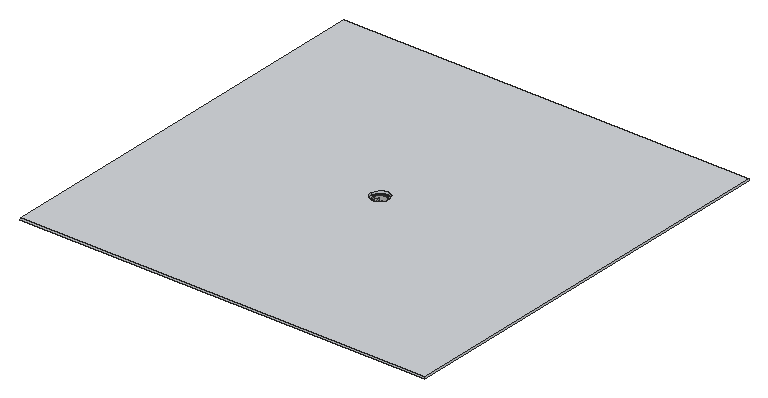
Revit family "F242", category Lighting Fixtures, host Face, Revit 2014
Parameters (values of type "F242_14W_Xicato_1100_lm_3000K_DIR")
  Wattage Comments = "14 , 18 & 24"  # constant formula
  Wattage = 14 W
  Warranty = "5Years limited warranty"
  built-in parameter 1150110 = 1 (stored number, unit not read)
  Voltage = 120 V
  URL = "https://www.hubbell.com/kurtversen/en"
  built-in parameter 1114217 = 1 (stored number, unit not read)
  Tilt Angle = -90.00°
  built-in parameter 1150109 = 1 (stored number, unit not read)
  built-in parameter 1150134 = 12
  built-in parameter 1150113 = 1 (stored number, unit not read)
  Product Page URL = "https://www.hubbell.com/kurtversen/en/Products/Lighting-Controls/Commercial-Indoor-Lighting/Recessed-Downlights/3-Round-Xicato-LED-Install-From-Below-Directional-Downlight/p/548563"
  Product Documentation Link = "https://hubbellcdn.com/specsheet/kv_f242_44_4_page.pdf"
  Power Factor = 1
  Photometric Web Link = "https://www.hubbell.com/kurtversen/en/Products/Lighting-Controls/Commercial-Indoor-Lighting/Recessed-Downlights/3-Round-Xicato-LED-Install-From-Below-Directional-Downlight/p/548563#prod-photometry-section"
  Photometric Web File = "F242_14W_Xicato_1100_lm_3000K_DIR.ies"
  Photometric Notes = "More IES files download on Photometric Web Link"  # constant formula
  Model = "F242"
  Manufacturer = "Kurtversen"  # constant formula
  built-in parameter 1150105 = 45.677 (stored number, unit not read)
  Lumens = 574 lm
  built-in parameter 1150115 = 1 (stored number, unit not read)
  Load Classification = Lighting
  built-in parameter 1150137 = (empty or 0)
  built-in parameter 1150139 = (empty or 0)
  built-in parameter 1150112 = 1 (stored number, unit not read)
  built-in parameter 1150114 = 1 (stored number, unit not read)
  Lamp = "LED"  # constant formula
  built-in parameter 1150132 = (empty or 0)
  built-in parameter 1150102 = (empty or 0)
  built-in parameter 1150107 = 4000 (stored number, unit not read)
  built-in parameter 1150138 = (empty or 0)
  built-in parameter 1150106 = 0.45677 (stored number, unit not read)
  Glass = Hubbell - White Glass
  Features = "• 3inch architectural LED adjustable accent delivering 600–2000 lm\r\n• Four field interchangeable beam distributions from 15° to 45°\r\n• Translating center beam optic allows 0–35° vertical tilt, 362°\r\nhorizontal rotation\r\n• Select from three lower trim styles: Full Cut Cone, Pinhole or Slot\r\n• Accommodates up to two lens media including hexcell louver\r\nand linear spread options\r\n• Variety of dimming protocol options including 0-10V, DALI, DMX,\r\nLutron Forward Phase and EcoSystem\r\n• NX Distributed Intelligence™ wired and wireless controls\r\ncapability available"  # constant formula
  Emit from Circle Diameter = 3.00"  # constant formula
  Emit Shape Visible in Rendering = no
  built-in parameter 1150104 = 3.809 (stored number, unit not read)
  Dimming Lamp Color Temperature Shift = <None>
  Description = "Xicato® remote phosphor modules\r\nLumen Packages: 1100 lm, 1500 lm, 2100 lm\r\nStandard 83 CRI, Xicato Artist and Vibrant series available\r\n2700K, 3000K, 3500K, 4000K available\r\nRated Life is 50,000 hours at 70% lumen output.\r\nDimming is standard 0-10V/10%. Available with: Lutron to 1%, 3 wire control. Lutron EcoSystem to 1%, digital 4 wire. DALI to 1%. 0-10V to 1%. 0-1-V to .1%."  # constant formula
  Default Elevation = 48.00"
  Contact us = "https://www.hubbell.com/kurtversen/en/contactUs?productId=548561"
  Color Filter = 16777215
  built-in parameter 1114218 = 1 (stored number, unit not read)
  Hardware Finish = Steel - Hubbell
  built-in parameter 1150133 = 10 (stored number, unit not read)
  Assembly Code = "D5020200"
  Apparent Load = 14 VA
Types (9): name | Wattage | built-in parameter 1150134 | Power Factor | Photometric Web File | built-in parameter 1150105 | Lumens | built-in parameter 1150107 | built-in parameter 1150106 | built-in parameter 1150104 | Apparent Load
  F242_14W_Xicato_1100_lm_3000K_DIR | 14 W | 12 | 1 | "F242_14W_Xicato_1100_lm_3000K_DIR.ies" | 45.677 (stored number, unit not read) | 574 lm | 4000 (stored number, unit not read) | 0.45677 (stored number, unit not read) | 3.809 (stored number, unit not read) | 14 VA
  F242_18W_Xicato_1500_lm_3000K_DIR | 18 W | (empty or 0) | 1 | "F242_18W_Xicato_1500_lm_3000K_DIR.ies" | 61.575 (stored number, unit not read) | 774 lm | 3000 (stored number, unit not read) | 0.61575 (stored number, unit not read) | 3.9948 (stored number, unit not read) | 18 VA
  F242_24W_Xicato_2100_lm_3000K_DIR | 24 W | (empty or 0) | 0.9 | "F242_24W_Xicato_2100_lm_3000K_DIR.ies" | 84.01 (stored number, unit not read) | 1056 lm | 3000 (stored number, unit not read) | 0.8401 (stored number, unit not read) | 4.0877 (stored number, unit not read) | 24 VA
  F244_14W_Xicato_1100_lm_3000K_DIR | 14 W | (empty or 0) | 0.9 | "F244_14W_Xicato_1100_lm_3000K_DIR.ies" | 45.664 (stored number, unit not read) | 574 lm | 3000 (stored number, unit not read) | 0.45664 (stored number, unit not read) | 3.809 (stored number, unit not read) | 14 VA
  F244_18W_Xicato_1500_lm_3000K_DIR | 18 W | (empty or 0) | 0.9 | "F244_18W_Xicato_1500_lm_3000K_DIR.ies" | 60.143 (stored number, unit not read) | 756 lm | 3000 (stored number, unit not read) | 0.60143 (stored number, unit not read) | 3.9019 (stored number, unit not read) | 18 VA
  F244_24W_Xicato_2100_lm_3000K_DIR | 24 W | (empty or 0) | 0.9 | "F244_24W_Xicato_2100_lm_3000K_DIR.ies" | 80.191 (stored number, unit not read) | 1008 lm | 3000 (stored number, unit not read) | 0.80191 (stored number, unit not read) | 3.9019 (stored number, unit not read) | 24 VA
  F246_14W_Xicato_1100_lm_3000K_DIR | 14 W | (empty or 0) | 0.9 | "F246_14W_Xicato_1100_lm_3000K_DL.ies" | 28.958 (stored number, unit not read) | 364 lm | 3000 (stored number, unit not read) | 0.28958 (stored number, unit not read) | 2.4155 (stored number, unit not read) | 14 VA
  F246_18W_Xicato_2100_lm_3000K_DIR | 18 W | (empty or 0) | 0.9 | "F246_18W_Xicato_2100_lm_3000K_DIR.ies" | 41.527 (stored number, unit not read) | 522 lm | 3000 (stored number, unit not read) | 0.41527 (stored number, unit not read) | 2.6942 (stored number, unit not read) | 18 VA
  F246_24W_Xicato_2100_lm_3000K_DIR | 24 W | (empty or 0) | 0.9 | "F246_24W_Xicato_2100_lm_3000K_DIR.ies" | 55.37 (stored number, unit not read) | 696 lm | 3000 (stored number, unit not read) | 0.5537 (stored number, unit not read) | 2.6942 (stored number, unit not read) | 24 VA
Reference planes (in)
  plane 1 "Center (Front/Back)": y = 0.03999
  plane 2: z = 0
  plane 3 "Center (Left/Right)": x = -8.24832
  plane 4: x = -13.24832
  plane 5: x = 1.12668
  plane 6: y = 5.91499
  plane 7: y = -5.83501
  plane 8: z = -0.125
  plane 9: z = -3
  plane 10: z = -3.125
  plane 11: z = 0.375
  plane 12: x = -10.17454
  plane 13: x = -6.42646
  plane 14: x = -2.9049
  plane 15: x = -0.9049
  plane 16: y = 2.57276
  plane 17: y = -2.49278
  plane 18: y = 1.91499
  plane 19: y = -1.83501
  plane 20: z = -7.88386
  plane 21: z = 0
  plane 22: x = -10.87332
  plane 23: x = -10.24832
  plane 24: z = 0.125
  plane 25: through (-10.158, -180.00079, 2.38025) normal (0.9908, 0, -0.1351)
  plane 26: through (-9.9085, -180.00079, 2.34622) normal (0.9908, 0, -0.1351)
Forms (in)
  Extrusion 1, solid
    sketch origin (-7.24832, 0, -2.58562) x (1, 0, 0) y (0, 1, 0)
      loop
        line (-48, 48) -> (-48, -48) -> (48, -48) -> (48, 48) -> (-48, 48)
    from 2.96062 to 2.58562
  Extrusion 2, void
    sketch origin (0, 0, 0) x (1, 0, 0) y (0, 1, 0)
      loop
        circle (-8.24832, 0.03999) r 2.125
    from 0.4375 to -0.125
  Extrusion 3, solid, material "Hubbell - White Glass" <- "Glass"
    sketch origin (-16.83938, -180, -3.12268) x (-1, 0, 0) y (0, -1, 0)
      loop
        circle (-8.59106, -180.03999) r 1.5
    from 3 to 3.125
  Revolve 4, solid, material "Steel - Hubbell" <- "Hardware Finish"
    sketch origin (0, 0.03999, -0.4375) x (1, 0, 0) y (0, 0, 1)
      loop
        line (-9.74832, 0.375) -> (-9.74832, 0.4375) -> (-10.62332, 0.4375) -> (-10.62332, 0.375) -> (-10.24832, 0.375) -> (-9.74832, 0.375)
      axis (-8.24832, 0.4375) -> (-8.24832, 0.375)
    angle from 0 to 360
  Extrusion 5, solid, material "Steel - Hubbell" <- "Hardware Finish"
    sketch origin (-17.5848, -180, -1.65714) x (-0.939693, 0, 0.34202) y (0, -1, 0)
      loop
        arc (-8.70908, -181.77339) -> (-8.53597, -181.78005) -> (-8.36304, -181.76953) r 1.74754
        line (-8.36304, -181.76953) -> (-8.36304, -181.67723) -> (-8.49788, -181.67723) -> (-8.49788, -181.55918) -> (-8.59106, -181.55918) -> (-8.59106, -181.67723) -> (-8.70908, -181.67723) -> (-8.70908, -181.77339)
      loop
        arc (-9.17317, -181.68651) -> (-8.99815, -181.73827) -> (-8.81868, -181.77148) r 1.74639
        line (-8.81868, -181.77148) -> (-8.79431, -181.68053) -> (-8.9248, -181.64556) -> (-8.89425, -181.53153) -> (-8.98425, -181.50742) -> (-9.0148, -181.62145) -> (-9.14629, -181.58621) -> (-9.17317, -181.68651)
      loop
        arc (-9.67441, -181.40975) -> (-9.52553, -181.51533) -> (-9.36646, -181.6048) r 1.74639
        line (-9.36646, -181.6048) -> (-9.31398, -181.52662) -> (-9.42615, -181.45133) -> (-9.36036, -181.35331) -> (-9.43772, -181.30138) -> (-9.50351, -181.3994) -> (-9.61654, -181.32353) -> (-9.67441, -181.40975)
      loop
        arc (-9.99201, -181.08268) -> (-9.87554, -181.2232) -> (-9.74504, -181.35079) r 1.74639
        line (-9.74504, -181.35079) -> (-9.67411, -181.28885) -> (-9.76297, -181.1871) -> (-9.67405, -181.10945) -> (-9.73534, -181.03927) -> (-9.82426, -181.11692) -> (-9.9138, -181.01438) -> (-9.99201, -181.08268)
      loop
        arc (-10.24565, -180.59873) -> (-10.1783, -180.76836) -> (-10.09362, -180.93004) r 1.74639
        line (-10.09362, -180.93004) -> (-10.00702, -180.89305) -> (-10.06009, -180.76881) -> (-9.95153, -180.72244) -> (-9.98813, -180.63675) -> (-10.09669, -180.68313) -> (-10.15016, -180.55794) -> (-10.24565, -180.59873)
      loop
        arc (-10.33389, -180.15145) -> (-10.31274, -180.33273) -> (-10.27278, -180.51082) r 1.74639
        line (-10.27278, -180.51082) -> (-10.17956, -180.4975) -> (-10.19867, -180.36376) -> (-10.0818, -180.34707) -> (-10.09498, -180.25483) -> (-10.21184, -180.27153) -> (-10.23109, -180.13677) -> (-10.33389, -180.15145)
      loop
        line (-7.92357, -181.65379) -> (-7.95566, -181.55504) -> (-8.08512, -181.5971) -> (-8.1216, -181.48483) -> (-8.21021, -181.51362) -> (-8.17373, -181.62589) -> (-8.30222, -181.66764) -> (-8.27312, -181.7572)
        arc (-8.27312, -181.7572) -> (-8.09564, -181.71464) -> (-7.92357, -181.65379) r 1.74639
      loop
        line (-7.5077, -181.40975) -> (-7.56557, -181.32353) -> (-7.6786, -181.3994) -> (-7.74439, -181.30138) -> (-7.82176, -181.35331) -> (-7.75596, -181.45133) -> (-7.86813, -181.52662) -> (-7.81565, -181.6048)
        arc (-7.81565, -181.6048) -> (-7.65658, -181.51533) -> (-7.5077, -181.40975) r 1.74639
      loop
        line (-7.1901, -181.08268) -> (-7.26831, -181.01438) -> (-7.35785, -181.11692) -> (-7.44677, -181.03927) -> (-7.50806, -181.10945) -> (-7.41914, -181.1871) -> (-7.508, -181.28885) -> (-7.43707, -181.35079)
        arc (-7.43707, -181.35079) -> (-7.30657, -181.2232) -> (-7.1901, -181.08268) r 1.74639
      loop
        line (-6.93646, -180.59873) -> (-7.03195, -180.55794) -> (-7.08542, -180.68313) -> (-7.19398, -180.63675) -> (-7.23058, -180.72244) -> (-7.12202, -180.76881) -> (-7.17509, -180.89305) -> (-7.08849, -180.93004)
        arc (-7.08849, -180.93004) -> (-7.00381, -180.76836) -> (-6.93646, -180.59873) r 1.74639
      loop
        line (-6.84822, -180.15145) -> (-6.95102, -180.13677) -> (-6.97027, -180.27153) -> (-7.08713, -180.25483) -> (-7.10031, -180.34707) -> (-6.98344, -180.36376) -> (-7.00255, -180.4975) -> (-6.90933, -180.51082)
        arc (-6.90933, -180.51082) -> (-6.86937, -180.33273) -> (-6.84822, -180.15145) r 1.74639
      loop
        line (-8.70908, -178.30659) -> (-8.70908, -178.40275) -> (-8.59106, -178.40275) -> (-8.59106, -178.5208) -> (-8.49788, -178.5208) -> (-8.49788, -178.40275) -> (-8.36304, -178.40275) -> (-8.36304, -178.31045)
        arc (-8.36304, -178.31045) -> (-8.53597, -178.29993) -> (-8.70908, -178.30659) r 1.74754
      loop
        line (-9.17317, -178.39347) -> (-9.14629, -178.49377) -> (-9.0148, -178.45854) -> (-8.98425, -178.57257) -> (-8.89425, -178.54845) -> (-8.9248, -178.43442) -> (-8.79431, -178.39946) -> (-8.81868, -178.3085)
        arc (-8.81868, -178.3085) -> (-8.99815, -178.34171) -> (-9.17317, -178.39347) r 1.74639
      loop
        line (-9.67441, -178.67023) -> (-9.61654, -178.75645) -> (-9.50351, -178.68058) -> (-9.43772, -178.7786) -> (-9.36036, -178.72668) -> (-9.42615, -178.62866) -> (-9.31398, -178.55337) -> (-9.36646, -178.47518)
        arc (-9.36646, -178.47518) -> (-9.52553, -178.56465) -> (-9.67441, -178.67023) r 1.74639
      loop
        line (-9.99201, -178.9973) -> (-9.9138, -179.0656) -> (-9.82426, -178.96307) -> (-9.73534, -179.04072) -> (-9.67405, -178.97054) -> (-9.76297, -178.89288) -> (-9.67411, -178.79113) -> (-9.74504, -178.72919)
        arc (-9.74504, -178.72919) -> (-9.87554, -178.85678) -> (-9.99201, -178.9973) r 1.74639
      loop
        line (-10.24565, -179.48125) -> (-10.15016, -179.52204) -> (-10.09669, -179.39686) -> (-9.98813, -179.44323) -> (-9.95153, -179.35754) -> (-10.06009, -179.31117) -> (-10.00702, -179.18693) -> (-10.09362, -179.14994)
        arc (-10.09362, -179.14994) -> (-10.1783, -179.31162) -> (-10.24565, -179.48125) r 1.74639
      loop
        line (-10.33389, -179.92853) -> (-10.23109, -179.94321) -> (-10.21184, -179.80846) -> (-10.09498, -179.82515) -> (-10.0818, -179.73291) -> (-10.19867, -179.71622) -> (-10.17956, -179.58248) -> (-10.27278, -179.56916)
        arc (-10.27278, -179.56916) -> (-10.31274, -179.74725) -> (-10.33389, -179.92853) r 1.74639
      loop
        arc (-7.92357, -178.42619) -> (-8.09564, -178.36534) -> (-8.27312, -178.32278) r 1.74639
        line (-8.27312, -178.32278) -> (-8.30222, -178.41234) -> (-8.17373, -178.45409) -> (-8.21021, -178.56636) -> (-8.1216, -178.59516) -> (-8.08512, -178.48288) -> (-7.95566, -178.52495) -> (-7.92357, -178.42619)
      loop
        arc (-7.5077, -178.67023) -> (-7.65658, -178.56465) -> (-7.81565, -178.47518) r 1.74639
        line (-7.81565, -178.47518) -> (-7.86813, -178.55337) -> (-7.75596, -178.62866) -> (-7.82176, -178.72668) -> (-7.74439, -178.7786) -> (-7.6786, -178.68058) -> (-7.56557, -178.75645) -> (-7.5077, -178.67023)
      loop
        arc (-7.1901, -178.9973) -> (-7.30657, -178.85678) -> (-7.43707, -178.72919) r 1.74639
        line (-7.43707, -178.72919) -> (-7.508, -178.79113) -> (-7.41914, -178.89288) -> (-7.50806, -178.97054) -> (-7.44677, -179.04072) -> (-7.35785, -178.96307) -> (-7.26831, -179.0656) -> (-7.1901, -178.9973)
      loop
        arc (-6.93646, -179.48125) -> (-7.00381, -179.31162) -> (-7.08849, -179.14994) r 1.74639
        line (-7.08849, -179.14994) -> (-7.17509, -179.18693) -> (-7.12202, -179.31117) -> (-7.23058, -179.35754) -> (-7.19398, -179.44323) -> (-7.08542, -179.39686) -> (-7.03195, -179.52204) -> (-6.93646, -179.48125)
      loop
        arc (-6.84822, -179.92853) -> (-6.86937, -179.74725) -> (-6.90933, -179.56916) r 1.74639
        line (-6.90933, -179.56916) -> (-7.00255, -179.58248) -> (-6.98344, -179.71622) -> (-7.10031, -179.73291) -> (-7.08713, -179.82515) -> (-6.97027, -179.80846) -> (-6.95102, -179.94321) -> (-6.84822, -179.92853)
    from 1.04065 to -1.6925
  Extrusion 6, solid, material "Steel - Hubbell" <- "Hardware Finish"
    sketch origin (-17.5832, -180, -1.65743) x (-0.939693, 0, 0.34202) y (0, -1, 0)
      loop
        circle (-8.59106, -180.03999) r 1.51919
    from 1.03125 to -1.6925
  Revolve 7, solid, material "Steel - Hubbell" <- "Hardware Finish", detail levels medium+fine
    sketch origin (-0.70727, 0.0392, -4.50039) x (0.939693, 0, -0.34202) y (0.34202, 0, 0.939693)
      loop
        arc (-9.7115, -0.38109) -> (-9.30719, -1.24498) -> (-8.81175, -2.06003) r 8.79983
        line (-8.81175, -2.06003) -> (-8.74702, -2.06003)
        arc (-8.74702, -2.06003) -> (-9.26936, -1.19206) -> (-9.70018, -0.27521) r 9.89038
        line (-9.70018, -0.27521) -> (-9.73594, -0.29586) -> (-9.7115, -0.38109)
      axis (-8.24832, -0.27521) -> (-8.24832, -2.06003)
    angle from 0 to 360
  Extrusion 8, solid, material "Steel - Hubbell" <- "Hardware Finish"
    sketch origin (0.26548, 0.03999, -1.87657) x (0.996195, 0, -0.087156) y (0.087156, 0, 0.996195)
      loop
        line (-10.20021, -0.69311) -> (-10.20021, -0.63601) -> (-10.36038, -0.79618) -> (-10.73884, -2.20862) -> (-10.6938, -2.22069) -> (-10.31534, -0.80824) -> (-10.20021, -0.69311)
      loop
        line (-7.39463, -1.29773) -> (-7.34885, -1.62342) -> (-8.00781, -2.91669) -> (-7.96626, -2.93786) -> (-7.29323, -1.61696) -> (-7.34698, -1.2345) -> (-7.39463, -1.29773)
    from -0.32377 to 0.24006
  SweptBlend 9, solid, material "Steel - Hubbell" <- "Hardware Finish"
    path origin (-16.68263, 0.00722, 0.84049) x (-1, 0, 0) y (0, 0, 1)
      loop
        line (-8.39382, -0.90039) -> (-8.39382, -2.13006)
    profile origin (-8.28881, 0.00722, -0.05989) x (0, 1, 0) y (-1, 0, 0)
      loop
        circle (0, 0) r 2
    end profile origin (-8.28881, 0.00722, -1.28956) x (0, 1, 0) y (-1, 0, 0)
      loop
        circle (0, 0) r 1.56
  Extrusion 10, void
    sketch origin (0, 0, -0.4375) x (1, 0, 0) y (0, 1, 0)
      loop
        circle (-8.24832, 0.03999) r 1.5
    from -1.01806 to 0.87133
  Extrusion 11, solid, material "Steel - Hubbell" <- "Hardware Finish"
    sketch origin (0.84375, 0.03999, -0.59375) x (1, 0, 0) y (0, 0, 1)
      loop
        arc (-10.23047, -0.85206) -> (-10.13261, -0.81153) -> (-10.09207, -0.71367) r 0.13839
        line (-10.09207, -0.71367) -> (-10.09207, -0.3063)
        arc (-10.09207, -0.3063) -> (-10.14518, -0.1781) -> (-10.27337, -0.125) r 0.1813
        line (-10.27337, -0.125) -> (-10.6797, -0.125)
        arc (-10.6797, -0.125) -> (-10.76393, -0.15989) -> (-10.79882, -0.24412) r 0.11912
        line (-10.79882, -0.24412) -> (-10.79882, -0.74112)
        arc (-10.79882, -0.74112) -> (-10.76633, -0.81957) -> (-10.68788, -0.85206) r 0.11094
        line (-10.68788, -0.85206) -> (-10.23047, -0.85206)
    from -0.85306 to 0.63858
  Extrusion 12, solid, material "Steel - Hubbell" <- "Hardware Finish"
    sketch origin (-16.83938, -180, -3.125) x (-1, 0, 0) y (0, -1, 0)
      loop
        arc (-9.87859, -182.0357) -> (-10.27043, -181.71937) -> (-10.58677, -181.32753) r 2.375
        line (-10.58677, -181.32753) -> (-10.62292, -181.36368)
        arc (-10.62292, -181.36368) -> (-10.30579, -181.75473) -> (-9.91474, -182.07186) r 2.425
        line (-9.91474, -182.07186) -> (-9.87859, -182.0357)
      loop
        arc (-10.58677, -178.75245) -> (-10.27043, -178.36061) -> (-9.87859, -178.04428) r 2.375
        line (-9.87859, -178.04428) -> (-9.91474, -178.00813)
        arc (-9.91474, -178.00813) -> (-10.30579, -178.32526) -> (-10.62292, -178.7163) r 2.425
        line (-10.62292, -178.7163) -> (-10.58677, -178.75245)
      loop
        line (-7.30352, -182.0357) -> (-7.26737, -182.07186)
        arc (-7.26737, -182.07186) -> (-6.87632, -181.75473) -> (-6.55919, -181.36368) r 2.425
        line (-6.55919, -181.36368) -> (-6.59534, -181.32753)
        arc (-6.59534, -181.32753) -> (-6.91168, -181.71937) -> (-7.30352, -182.0357) r 2.375
      loop
        line (-6.59534, -178.75245) -> (-6.55919, -178.7163)
        arc (-6.55919, -178.7163) -> (-6.87632, -178.32526) -> (-7.26737, -178.00813) r 2.425
        line (-7.26737, -178.00813) -> (-7.30352, -178.04428)
        arc (-7.30352, -178.04428) -> (-6.91168, -178.36061) -> (-6.59534, -178.75245) r 2.375
    from 1.83544 to 3.125
  Extrusion 13, solid, material "Steel - Hubbell" <- "Hardware Finish"
    sketch origin (-16.83938, -180, -3.125) x (-1, 0, 0) y (0, -1, 0)
      loop
        circle (-8.59106, -180.03999) r 2.375
      loop
        circle (-8.59106, -180.03999) r 1.5
    from 1.8 to 1.83544
  Revolve 14, solid, material "Hubbell - White Glass" <- "Glass"
    sketch origin (-0.23285, 0.03999, 0.40777) x (0.996195, 0, 0.087156) y (-0.087156, 0, 0.996195)
      loop
        line (-8.52292, -1.81432) -> (-7.96301, -2.01812) -> (-7.92353, -1.92962) -> (-7.81749, -1.96821)
        arc (-7.81749, -1.96821) -> (-7.75719, -1.96665) -> (-7.71415, -1.92439) r 0.08233
        line (-7.71415, -1.92439) -> (-7.64355, -1.76614) -> (-7.1737, -1.93715) -> (-7.13376, -1.82741) -> (-8.33389, -1.3906) -> (-8.52292, -1.81432)
      axis (-8.2972, -1.30836) -> (-8.52292, -1.81432)
    angle from 0 to 360
  Extrusion 15, solid, material "Hubbell - White Glass" <- "Glass"
    sketch origin (0, 0.03999, 0) x (1, 0, 0) y (0, 0, 1)
      loop
        line (-8.9538, -1.325) -> (-8.9538, -1.42224) -> (-7.94471, -1.42224) -> (-7.65505, -1.62506) -> (-7.36951, -1.825) -> (-6.42646, -1.825) -> (-6.42646, -1.325) -> (-8.9538, -1.325)
    from -1.26139 to 1.28354
Cuts and joins
  Extrusion 10 cuts SweptBlend 9
  Extrusion 10 cuts Revolve 4
Lines and regions (in)
  symbolic lines
    curve 1: line (-13.24832, 5.91499, -3.125) -> (1.12668, 5.91499, -3.125)
    curve 2: line (-13.24832, -5.83501, -3.125) -> (-13.24832, 5.91499, -3.125)
    curve 3: line (1.12668, -5.83501, -3.125) -> (-13.24832, -5.83501, -3.125)
    curve 4: line (1.12668, 5.91499, -3.125) -> (1.12668, -5.83501, -3.125)
    curve 5: circle (-8.24832, 0.03999, -3.125) r 2.625 normal (0, 0, 1)
    curve 6: circle (-8.24832, 0.03999, -3.125) r 2 normal (0, 0, 1)
Dimensions and locks (in)
  equal spacing: plane 7, plane 1 "Center (Front/Back)", plane 6, locked at 5.875 each
  locked: plane 6 to plane 7 at 11.75
  locked: plane 4 to plane 5 at 14.375
  locked: plane 4 to plane 3 "Center (Left/Right)" at 5
  locked: Extrusion 1 to plane 8 at 0.5
  locked: plane 11 to plane 2 at 0.375
  locked: plane 2 to plane 8 at 0.125
  locked: plane 14 to plane 15 at 2
  equal spacing: plane 16, plane 1 "Center (Front/Back)", plane 17, locked at 2.53277 each
  locked: plane 9 to plane 10 at 0.125
  locked: plane 11 to plane 10 at 3.5
  equal spacing: plane 18, plane 1 "Center (Front/Back)", plane 19, locked at 1.875 each
  plane 13 to plane 12 = 3.74808"
  plane 2 to plane 20 = 7.88386"
  aligned and locked: Extrusion 1 to plane 2
  aligned and locked: Extrusion 2 to plane 8
  aligned and locked: Revolve 4 sketch curve to plane 21
Automatic sketch dimensions
  Extrusion 1 sketch curve to Extrusion 1 sketch curve = 96.00"  (x2)
  plane 1 "Center (Front/Back)" to Extrusion 2 sketch curve = 0.00"
  Extrusion 2 sketch curve to plane 3 "Center (Left/Right)" = 0.00"
  curve 5 to curve 6 = 0.00"  (x2)
  plane 1 "Center (Front/Back)" to curve 6 = 0.00"
  curve 6 to plane 3 "Center (Left/Right)" = 0.00"
  plane 1 "Center (Front/Back)" to Extrusion 3 sketch curve = 0.00"
  Extrusion 3 sketch curve to plane 3 "Center (Left/Right)" = 0.00"
  Revolve 4 sketch curve to plane 23 = 0.00"
  Revolve 4 sketch curve to plane 3 "Center (Left/Right)" = 0.00"
  plane 22 to Revolve 4 sketch curve = 0.25"
  Revolve 4 sketch curve to level = 0.0625"
  plane 12 to Revolve 4 sketch curve = 0.42621"
  plane 9 to Revolve 4 sketch curve = 0.15442"
  plane 11 to Revolve 4 sketch curve = 1.85402"
  Extrusion 5 sketch curve to Extrusion 5 sketch curve = 0.00"  (x384)
  plane 1 "Center (Front/Back)" to Extrusion 5 sketch curve = 0.00"
  Extrusion 5 sketch curve to plane 1 "Center (Front/Back)" = 0.11146"
  plane 1 "Center (Front/Back)" to Extrusion 5 sketch curve = 0.11146"
  Extrusion 5 sketch curve to plane 1 "Center (Front/Back)" = 0.47083"  (x2)
  Extrusion 5 sketch curve to Extrusion 5 sketch curve = 0.0611"
  plane 1 "Center (Front/Back)" to Extrusion 5 sketch curve = 0.47083"  (x2)
  Extrusion 5 sketch curve to plane 1 "Center (Front/Back)" = 0.55874"
  Extrusion 5 sketch curve to Extrusion 5 sketch curve = 0.02713"  (x2)
  plane 1 "Center (Front/Back)" to Extrusion 5 sketch curve = 0.55874"
  Extrusion 5 sketch curve to plane 1 "Center (Front/Back)" = 0.09678"  (x2)
  Extrusion 5 sketch curve to Extrusion 5 sketch curve = 0.10279"  (x2)
  plane 1 "Center (Front/Back)" to Extrusion 5 sketch curve = 0.09678"  (x2)
  Extrusion 5 sketch curve to plane 1 "Center (Front/Back)" = 0.23153"  (x2)
  plane 1 "Center (Front/Back)" to Extrusion 5 sketch curve = 0.23153"  (x2)
  Extrusion 5 sketch curve to plane 1 "Center (Front/Back)" = 0.32377"
  Extrusion 5 sketch curve to Extrusion 5 sketch curve = 0.01318"  (x4)
  plane 1 "Center (Front/Back)" to Extrusion 5 sketch curve = 0.32377"
  Extrusion 5 sketch curve to plane 1 "Center (Front/Back)" = 0.51795"  (x2)
  Extrusion 5 sketch curve to Extrusion 5 sketch curve = 0.0294"  (x4)
  plane 1 "Center (Front/Back)" to Extrusion 5 sketch curve = 0.51795"  (x2)
  plane 1 "Center (Front/Back)" to Extrusion 5 sketch curve = 0.64314"  (x2)
  Extrusion 5 sketch curve to plane 1 "Center (Front/Back)" = 0.64314"  (x2)
  Extrusion 5 sketch curve to plane 1 "Center (Front/Back)" = 0.21484"  (x2)
  plane 1 "Center (Front/Back)" to Extrusion 5 sketch curve = 0.21484"  (x2)
  plane 1 "Center (Front/Back)" to Extrusion 5 sketch curve = 0.89005"  (x2)
  Extrusion 5 sketch curve to plane 1 "Center (Front/Back)" = 0.89005"  (x2)
  plane 1 "Center (Front/Back)" to Extrusion 5 sketch curve = 0.72882"
  Extrusion 5 sketch curve to Extrusion 5 sketch curve = 0.0366"  (x4)
  Extrusion 5 sketch curve to plane 1 "Center (Front/Back)" = 0.72882"
  Extrusion 5 sketch curve to plane 18 = 0.83231"
  Extrusion 5 sketch curve to Extrusion 5 sketch curve = 0.10161"  (x2)
  Extrusion 5 sketch curve to plane 19 = 0.83231"
  Extrusion 5 sketch curve to plane 1 "Center (Front/Back)" = 0.59676"  (x2)
  plane 1 "Center (Front/Back)" to Extrusion 5 sketch curve = 0.59676"  (x2)
  Extrusion 5 sketch curve to plane 18 = 0.90061"  (x2)
  Extrusion 5 sketch curve to Extrusion 5 sketch curve = 0.07821"  (x2)
  Extrusion 5 sketch curve to plane 19 = 0.90061"  (x2)
  Extrusion 5 sketch curve to plane 18 = 0.79807"  (x2)
  Extrusion 5 sketch curve to plane 19 = 0.79807"  (x2)
  Extrusion 5 sketch curve to plane 19 = 0.72789"
  Extrusion 5 sketch curve to Extrusion 5 sketch curve = 0.06129"  (x4)
  Extrusion 5 sketch curve to plane 18 = 0.72789"
  Extrusion 5 sketch curve to plane 18 = 0.5642"  (x2)
  Extrusion 5 sketch curve to plane 19 = 0.5642"  (x2)
  Extrusion 5 sketch curve to plane 18 = 0.87573"  (x2)
  Extrusion 5 sketch curve to plane 19 = 0.87573"  (x2)
  Extrusion 5 sketch curve to plane 19 = 0.50524"
  Extrusion 5 sketch curve to Extrusion 5 sketch curve = 0.07063"  (x2)
  Extrusion 5 sketch curve to plane 18 = 0.50524"
  Extrusion 5 sketch curve to plane 19 = 0.59146"  (x2)
  Extrusion 5 sketch curve to Extrusion 5 sketch curve = 0.05757"  (x4)
  Extrusion 5 sketch curve to plane 18 = 0.59146"  (x2)
  Extrusion 5 sketch curve to plane 19 = 0.51559"  (x2)
  Extrusion 5 sketch curve to plane 18 = 0.51559"  (x2)
  Extrusion 5 sketch curve to plane 19 = 0.61361"  (x2)
  Extrusion 5 sketch curve to plane 18 = 0.61361"  (x2)
  Extrusion 5 sketch curve to plane 19 = 0.46367"
  Extrusion 5 sketch curve to Extrusion 5 sketch curve = 0.07736"  (x2)
  Extrusion 5 sketch curve to plane 18 = 0.46367"
  Extrusion 5 sketch curve to plane 18 = 0.31019"  (x2)
  Extrusion 5 sketch curve to plane 19 = 0.31019"  (x2)
  Extrusion 5 sketch curve to plane 19 = 0.22848"
  Extrusion 5 sketch curve to Extrusion 5 sketch curve = 0.19329"  (x2)
  Extrusion 5 sketch curve to plane 18 = 0.22848"
  Extrusion 5 sketch curve to plane 19 = 0.32878"
  Extrusion 5 sketch curve to Extrusion 5 sketch curve = 0.02687"  (x2)
  Extrusion 5 sketch curve to plane 18 = 0.32878"
  Extrusion 5 sketch curve to plane 18 = 0.29355"
  Extrusion 5 sketch curve to plane 19 = 0.29355"
  Extrusion 5 sketch curve to plane 18 = 0.40757"
  Extrusion 5 sketch curve to plane 19 = 0.40757"
  Extrusion 5 sketch curve to plane 18 = 0.26943"
  Extrusion 5 sketch curve to Extrusion 5 sketch curve = 0.09"  (x2)
  Extrusion 5 sketch curve to plane 19 = 0.26943"
  Extrusion 5 sketch curve to plane 18 = 0.14351"
  Extrusion 5 sketch curve to plane 19 = 0.14351"
  Extrusion 5 sketch curve to Extrusion 5 sketch curve = 0.08523"  (x2)
  Extrusion 5 sketch curve to Extrusion 5 sketch curve = 0.11803"  (x2)
  plane 1 "Center (Front/Back)" to Extrusion 5 sketch curve = 0.00737"
  Extrusion 5 sketch curve to Extrusion 5 sketch curve = 0.03559"
  Extrusion 5 sketch curve to plane 1 "Center (Front/Back)" = 0.00737"
  Extrusion 5 sketch curve to Extrusion 5 sketch curve = 0.09318"  (x2)
  Extrusion 5 sketch curve to Extrusion 5 sketch curve = 0.13484"  (x2)
  Extrusion 5 sketch curve to plane 19 = 0.24735"
  Extrusion 5 sketch curve to Extrusion 5 sketch curve = 0.06082"  (x2)
  Extrusion 5 sketch curve to plane 18 = 0.24735"
  Extrusion 5 sketch curve to plane 19 = 0.15779"
  Extrusion 5 sketch curve to Extrusion 5 sketch curve = 0.08992"  (x2)
  Extrusion 5 sketch curve to plane 18 = 0.15779"
  Extrusion 5 sketch curve to plane 18 = 0.40137"
  Extrusion 5 sketch curve to Extrusion 5 sketch curve = 0.092"  (x2)
  Extrusion 5 sketch curve to plane 19 = 0.40137"
  Extrusion 5 sketch curve to plane 18 = 0.43016"
  Extrusion 5 sketch curve to plane 19 = 0.43016"
  Extrusion 5 sketch curve to plane 19 = 0.31789"
  Extrusion 5 sketch curve to plane 18 = 0.31789"
  Extrusion 5 sketch curve to plane 18 = 0.35996"
  Extrusion 5 sketch curve to plane 19 = 0.35996"
  Extrusion 5 sketch curve to plane 18 = 0.38838"
  Extrusion 5 sketch curve to Extrusion 5 sketch curve = 0.08752"  (x2)
  Extrusion 5 sketch curve to plane 19 = 0.38838"
  Extrusion 5 sketch curve to plane 19 = 0.56168"
  Extrusion 5 sketch curve to Extrusion 5 sketch curve = 0.04638"  (x2)
  Extrusion 5 sketch curve to plane 18 = 0.56168"
  Extrusion 5 sketch curve to Extrusion 5 sketch curve = 0.05248"  (x2)
  Extrusion 5 sketch curve to plane 19 = 0.80554"
  Extrusion 5 sketch curve to Extrusion 5 sketch curve = 0.05752"  (x2)
  Extrusion 5 sketch curve to plane 18 = 0.80554"
  Extrusion 5 sketch curve to plane 19 = 0.62614"
  Extrusion 5 sketch curve to plane 18 = 0.62614"
  Extrusion 5 sketch curve to plane 1 "Center (Front/Back)" = 0.68245"
  Extrusion 5 sketch curve to Extrusion 5 sketch curve = 0.03773"  (x2)
  plane 1 "Center (Front/Back)" to Extrusion 5 sketch curve = 0.68245"
  Extrusion 5 sketch curve to plane 1 "Center (Front/Back)" = 0.85306"
  Extrusion 5 sketch curve to Extrusion 5 sketch curve = 0.09322"  (x2)
  plane 1 "Center (Front/Back)" to Extrusion 5 sketch curve = 0.85306"
  Extrusion 5 sketch curve to plane 1 "Center (Front/Back)" = 0.30708"
  Extrusion 5 sketch curve to Extrusion 5 sketch curve = 0.09367"  (x2)
  plane 1 "Center (Front/Back)" to Extrusion 5 sketch curve = 0.30708"
  Extrusion 5 sketch curve to plane 1 "Center (Front/Back)" = 0.45751"
  plane 1 "Center (Front/Back)" to Extrusion 5 sketch curve = 0.45751"
  Extrusion 5 sketch curve to Extrusion 5 sketch curve = 0.00191"
  Extrusion 5 sketch curve to Extrusion 5 sketch curve = 0.09616"
  Extrusion 5 sketch curve to Extrusion 5 sketch curve = 0.11805"  (x2)
  Extrusion 5 sketch curve to Extrusion 5 sketch curve = 0.12134"
  Extrusion 5 sketch curve to Extrusion 5 sketch curve = 0.01233"
  plane 1 "Center (Front/Back)" to Extrusion 6 sketch curve = 0.00"
  Extrusion 8 sketch curve to plane 12 = 0.45045"
  Extrusion 8 sketch curve to plane 9 = 0.14084"
  Extrusion 8 sketch curve to Extrusion 8 sketch curve = 0.04504"  (x2)
  Extrusion 8 sketch curve to Extrusion 8 sketch curve = 0.37846"
  Extrusion 8 sketch curve to Extrusion 8 sketch curve = 0.11513"  (x2)
  Extrusion 8 sketch curve to Extrusion 8 sketch curve = 2.68599"
  Extrusion 8 sketch curve to Extrusion 8 sketch curve = 0.04154"
  Extrusion 8 sketch curve to Extrusion 8 sketch curve = 0.61318"
  Extrusion 8 sketch curve to Extrusion 8 sketch curve = 0.04577"
  Extrusion 8 sketch curve to Extrusion 8 sketch curve = 0.04765"
  Extrusion 8 sketch curve to Extrusion 8 sketch curve = 0.05562"
  Extrusion 8 sketch curve to Extrusion 8 sketch curve = 0.01207"
  Extrusion 8 sketch curve to Extrusion 8 sketch curve = 0.69601"
  Extrusion 8 sketch curve to Extrusion 8 sketch curve = 0.02117"
  Extrusion 8 sketch curve to Extrusion 8 sketch curve = 0.32569"
  Extrusion 8 sketch curve to Extrusion 8 sketch curve = 0.06323"
  Extrusion 8 sketch curve to Extrusion 8 sketch curve = 0.05711"
  SweptBlend 9 sketch curve to profile plane = 0.00"  (x2)
  profile plane to SweptBlend 9 sketch curve = 0.00"  (x2)
  Extrusion 10 sketch curve to Extrusion 10 sketch curve = 0.00"  (x2)
  plane 1 "Center (Front/Back)" to Extrusion 10 sketch curve = 0.00"
  Extrusion 10 sketch curve to plane 3 "Center (Left/Right)" = 0.00"
  plane 12 to Extrusion 10 sketch curve = 0.42621"
  plane 12 to Extrusion 11 sketch curve = 0.21946"
  Extrusion 11 sketch curve to Extrusion 11 sketch curve = 0.11094"
  Extrusion 11 sketch curve to Extrusion 11 sketch curve = 0.11912"
  plane 12 to Extrusion 11 sketch curve = 0.74491"
  plane 12 to Extrusion 11 sketch curve = 0.78782"
  Extrusion 11 sketch curve to Extrusion 11 sketch curve = 0.13839"
  Extrusion 11 sketch curve to plane 8 = 1.32081"
  Extrusion 11 sketch curve to Extrusion 11 sketch curve = 0.40737"
  curve 1 to plane 5 = 0.00"
  curve 2 to plane 4 = 0.00"
  curve 1 to plane 6 = 0.00"
  plane 7 to curve 4 = 0.00"
  Extrusion 12 sketch curve to Extrusion 12 sketch curve = 0.00"  (x56)
  plane 1 "Center (Front/Back)" to Extrusion 12 sketch curve = 0.00"
  Extrusion 12 sketch curve to plane 3 "Center (Left/Right)" = 0.00"
  plane 19 to Extrusion 12 sketch curve = 0.12071"  (x2)
  Extrusion 12 sketch curve to plane 13 = 0.53433"  (x2)
  plane 18 to Extrusion 12 sketch curve = 0.12071"  (x2)
  plane 18 to Extrusion 12 sketch curve = 0.15686"  (x2)
  Extrusion 12 sketch curve to Extrusion 12 sketch curve = 0.03615"  (x8)
  plane 19 to Extrusion 12 sketch curve = 0.15686"  (x2)
  plane 13 to Extrusion 12 sketch curve = 0.17385"  (x2)
  plane 12 to Extrusion 12 sketch curve = 0.63867"  (x2)
  Extrusion 12 sketch curve to plane 12 = 0.0695"  (x2)
  Extrusion 13 sketch curve to Extrusion 13 sketch curve = 0.00"  (x2)
  plane 1 "Center (Front/Back)" to Extrusion 13 sketch curve = 0.00"
  Extrusion 13 sketch curve to plane 3 "Center (Left/Right)" = 0.00"
  plane 13 to Extrusion 13 sketch curve = 0.55313"
  SweptBlend 9 sketch curve to plane 3 "Center (Left/Right)" = 0.04049"
  SweptBlend 9 sketch curve to plane 8 = 1.16456"
  SweptBlend 9 sketch curve to level = 0.05989"
  Revolve 14 sketch curve to plane 3 "Center (Left/Right)" = 0.31689"
  plane 9 to Revolve 14 sketch curve = 0.85753"
  Revolve 14 sketch curve to Revolve 14 sketch curve = 0.18904"
  Revolve 14 sketch curve to Revolve 14 sketch curve = 0.55991"
  Revolve 14 sketch curve to Revolve 14 sketch curve = 0.03948"
  Revolve 14 sketch curve to Revolve 14 sketch curve = 0.10604"
  Revolve 14 sketch curve to Revolve 14 sketch curve = 0.02816"
  Revolve 14 sketch curve to Revolve 14 sketch curve = 0.07519"
  Revolve 14 sketch curve to Revolve 14 sketch curve = 0.0706"
  Revolve 14 sketch curve to Revolve 14 sketch curve = 0.46985"
  Revolve 14 sketch curve to Revolve 14 sketch curve = 0.03994"
  Revolve 14 sketch curve to Revolve 14 sketch curve = 0.01309"
  Revolve 14 sketch curve to Revolve 14 sketch curve = 0.06344"
  Revolve 14 sketch curve to Revolve 14 sketch curve = 0.03354"
  Revolve 14 sketch curve to Revolve 14 sketch curve = 0.0386"
  Revolve 14 sketch curve to Revolve 14 sketch curve = 0.10974"
  Revolve 14 sketch curve to Revolve 14 sketch curve = 0.0885"
  Revolve 14 sketch curve to Revolve 14 sketch curve = 0.13458"
  Revolve 14 sketch curve to Revolve 14 sketch curve = 0.00"  (x2)
  Revolve 14 sketch curve to Revolve 14 sketch curve = 0.30167"
  Extrusion 15 sketch curve to plane 13 = 0.00"
  plane 3 "Center (Left/Right)" to Extrusion 15 sketch curve = 0.87882"
  Extrusion 15 sketch curve to Extrusion 15 sketch curve = 0.28554"
  plane 3 "Center (Left/Right)" to Extrusion 15 sketch curve = 0.30362"
  plane 9 to Extrusion 15 sketch curve = 1.175"
  Extrusion 15 sketch curve to Extrusion 15 sketch curve = 0.19994"
  Extrusion 15 sketch curve to Extrusion 15 sketch curve = 0.20282"
  Extrusion 15 sketch curve to plane 3 "Center (Left/Right)" = 0.70547"
  Extrusion 15 sketch curve to Extrusion 15 sketch curve = 0.09724"
  plane 12 to Revolve 7 sketch curve = 0.21728"
  plane 26 to Revolve 7 sketch curve = 0.46455"
  Revolve 7 sketch curve to Revolve 7 sketch curve = 0.02444"
  Revolve 7 sketch curve to Revolve 7 sketch curve = 0.03576"
  Revolve 7 sketch curve to Revolve 7 sketch curve = 1.00582"
  Revolve 7 sketch curve to Revolve 7 sketch curve = 0.08523"
  Revolve 7 sketch curve to Revolve 7 sketch curve = 0.02065"
  Revolve 7 sketch curve to Revolve 7 sketch curve = 3.18685"
  Revolve 7 sketch curve to Revolve 7 sketch curve = 0.55538"
  Revolve 7 sketch curve to Revolve 7 sketch curve = 0.89975"
  Revolve 7 sketch curve to Revolve 7 sketch curve = 0.06473"
  Revolve 7 sketch curve to Revolve 7 sketch curve = 0.49869"
  Revolve 7 sketch curve to Revolve 7 sketch curve = 2.44002"
  Revolve 7 sketch curve to Revolve 7 sketch curve = 2.65017"
  radius of Extrusion 2 sketch curve = 2.125"
  radius of curve 5 = 2.625"
  radius of curve 6 = 2.00"
  radius of Extrusion 3 sketch curve = 1.50"
  radius of Extrusion 6 sketch curve = 1.51919"
  radius of SweptBlend 9 sketch curve = 2.00"
  radius of SweptBlend 9 sketch curve = 1.56"
  radius of Extrusion 13 sketch curve = 1.50"
Connectors (in)
  electrical at (-8.24832, 0.03999, 0), driven by "Apparent Load"
    settings: on cut or joined group of Revolve 4, Extrusion 10, index 1, voltage 120 V, apparent load 14 VA, apparent load phase1 0 VA, apparent load phase2 0 VA, apparent load phase3 0 VA, power factor 0.9, load classification "Other", number of poles 1, system type 30, power factor state 1, is connector primary yes, connector utility no, sub classification motor no, connector description "Lighting COnnector"
